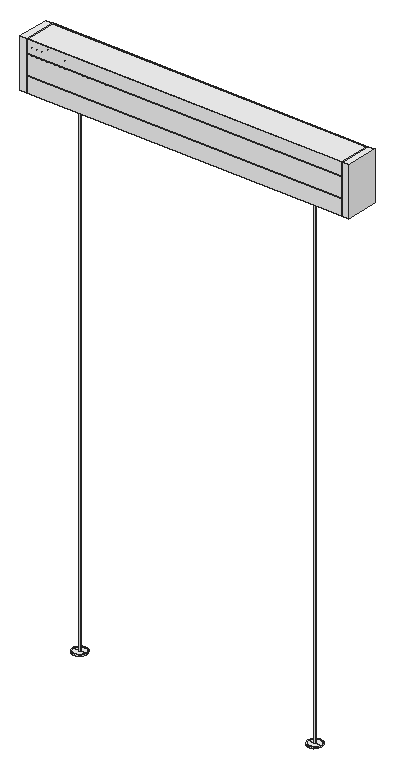
Revit family "2.3 inch  MAGIC WALL WASH LINEAR LIGHT", category Lighting Fixtures, host Face, Revit 2020 (continued)
Types (17): name | Wattage Comments | Wattage | Wall Mount | Suspenders Distance | Surface Mount | Recessed Mount | Photometric Web File | Pendent Mount | Order number | built-in parameter 1150142 | Model | built-in parameter 1150105 | Lumens | Light Source Height | Light Source Distance | built-in parameter 1150106 | Fixture Length
    \r\n 1.55     1.58     1.62     1.65     1.68     1.71     1.74     1.77     1.80     1.83     \r\n 1.86     1.89     1.92     1.96     1.99     2.02     2.06     2.09     2.12     2.16     \r\n 2.19     2.22     2.26     2.29     2.32     2.36     2.39     2.42     2.46     2.49     \r\n 2.52     2.56     2.59     2.62     2.66     2.69     2.72     2.76     2.79     2.82     \r\n 2.86     2.88     2.91     2.93     2.96     2.98     3.00     3.03     3.05     3.08     \r\n 3.10     3.13     3.15     3.18     3.20     3.23     3.25     3.27     3.30     3.32     \r\n 3.35     3.37     3.40     3.42     3.45     3.47     3.50     3.52     3.54     3.57     \r\n 3.59     3.61     3.62     3.64     3.65     3.66     3.68     3.69     3.70     3.72     \r\n 3.73     3.75     3.76     3.77     3.79     3.80     3.82     3.83     3.84     3.86     \r\n 3.87     3.89     3.90     3.91     3.93     3.94     3.96     3.97     3.98     4.00     \r\n 4.01     4.01     4.01     4.01     4.01     4.01     4.01     4.01     4.01     4.01     \r\n 4.01     4.02     4.02     4.02     4.02     4.02     4.02     4.02     4.02     4.02     \r\n 4.02     4.02     4.02     4.02     4.02     4.02     4.02     4.02     4.02     4.02     \r\n 4.26     \r\n1793.11  1790.41  1787.72  1785.04  1782.37  1779.70  1777.05  1774.40  1771.76  1769.13  \r\n 1766.51  1763.90  1761.30  1758.70  1756.12  1753.54  1750.97  1748.41  1745.87  1743.33  \r\n 1740.80  1738.28  1735.77  1733.27  1730.66  1728.06  1725.46  1722.87  1720.30  1717.73  \r\n 1715.16  1706.70  1697.52  1688.35  1679.20  1670.05  1660.92  1651.80  1642.69  1633.59  \r\n 1624.50  1615.43  1606.37  1597.32  1588.28  1579.25  1570.23  1561.23  1552.22  1543.23  \r\n 1534.26  1525.31  1516.37  1507.46  1498.57  1489.70  1480.84  1472.01  1463.20  1454.41  \r\n 1445.63  1433.06  1419.62  1406.18  1392.76  1379.36  1365.96  1352.58  1339.21  1325.85  \r\n 1312.50  1299.17  1285.85  1272.55  1259.25  1245.95  1232.67  1219.41  1206.17  1192.95  \r\n 1179.74  1166.56  1153.39  1140.25  1127.12  1114.01  1100.92  1087.85  1074.79  1061.76  \r\n 1048.74  1033.77  1018.29  1002.82  987.38   971.95   956.55   941.18   925.82   910.48   \r\n 895.17   879.88   864.61   849.35   834.12   818.91   803.72   788.54   773.38   758.25   \r\n 743.13   728.03   712.96   697.90   682.86   667.84   652.84   637.86   622.90   607.95   \r\n 593.02   579.70   566.76   553.84   540.93   528.04   515.16   502.30   489.45   476.61   \r\n 463.78   450.97   438.17   425.38   412.61   399.84   387.09   374.35   361.62   348.90   \r\n 336.19   323.49   310.81   298.13   285.45   272.79   260.14   247.49   234.86   222.23   \r\n 209.61   202.01   195.03   188.05   181.07   174.10   167.13   160.16   153.20   146.24   \r\n 139.27   132.32   125.36   118.40   111.45   104.50   97.55    90.60    83.65    76.71    \r\n 69.76    62.82    55.88    48.94    42.00    35.06    28.12    21.18    14.24    7.30     \r\n 0.36     0.38     0.40     0.42     0.45     0.47     0.49     0.51     0.53     0.55     \r\n 0.57     0.60     0.62     0.64     0.66     0.68     0.70     0.73     0.75     0.77     \r\n 0.79     0.81     0.83     0.85     0.88     0.90     0.92     0.94     0.96     0.98     \r\n 1.00     1.04     1.07     1.10     1.13     1.17     1.20     1.23     1.26     1.29     \r\n 1.33     1.36     1.39     1.42     1.45     1.49     1.52     1.55     1.58     1.61     \r\n 1.65     1.68     1.71     1.74     1.77     1.80     1.84     1.87     1.90     1.93     \r\n 1.96     2.00     2.03     2.07     2.10     2.14     2.17     2.21     2.24     2.28     \r\n 2.31     2.35     2.38     2.42     2.45     2.49     2.52     2.56     2.59     2.63     \r\n 2.66     2.70     2.73     2.77     2.80     2.83     2.87     2.90     2.94     2.97     \r\n 3.00     3.03     3.05     3.07     3.10     3.12     3.14     3.17     3.19     3.21     \r\n 3.24     3.26     3.29     3.31     3.33     3.36     3.38     3.41     3.43     3.45     \r\n 3.48     3.50     3.52     3.54     3.57     3.59     3.61     3.63     3.66     3.68     \r\n 3.70     3.71     3.72     3.73     3.75     3.76     3.77     3.79     3.80     3.81     \r\n 3.82     3.84     3.85     3.86     3.88     3.89     3.90     3.91     3.93     3.94     \r\n 3.95     3.97     3.98     3.99     4.01     4.02     4.03     4.04     4.06     4.07     \r\n 4.08     4.08     4.08     4.08     4.07     4.07     4.07     4.07     4.07     4.07     \r\n 4.06     4.06     4.06     4.06     4.06     4.06     4.05     4.05     4.05     4.05     \r\n 4.05     4.04     4.04     4.04     4.04     4.04     4.03     4.03     4.03     4.03     \r\n 4.26     \r\n1793.11  1789.20  1785.30  1781.42  1777.55  1773.71  1769.87  1766.06  1762.26  1758.48  \r\n 1754.72  1750.97  1747.13  1743.19  1739.26  1735.34  1731.44  1727.56  1723.69  1719.84  \r\n 1716.00  1712.18  1708.38  1704.60  1700.71  1696.80  1692.89  1688.98  1685.07  1681.17  \r\n 1677.27  1669.80  1659.52  1649.28  1639.08  1628.93  1618.94  1608.99  1599.05  1589.12  \r\n 1579.20  1569.31  1559.42  1549.55  1539.69  1529.85  1520.03  1510.21  1500.28  1490.31  \r\n 1480.35  1470.43  1460.54  1450.68  1440.84  1431.03  1421.26  1411.51  1401.79  1392.10  \r\n 1382.44  1371.79  1357.78  1343.81  1329.86  1315.95  1302.07  1288.22  1274.40  1260.62  \r\n 1246.86  1233.14  1219.45  1205.78  1192.15  1178.44  1164.78  1151.17  1137.60  1124.09  \r\n 1110.62  1097.19  1083.82  1070.49  1057.21  1043.97  1030.78  1017.63  1004.53  991.48   \r\n 978.42   965.14   950.06   935.03   920.05   905.12   890.25   875.43   860.66   845.94   \r\n 831.27   816.64   802.07   787.55   773.07   758.64   744.26   729.93   715.65   701.43   \r\n 687.24   673.10   659.01   644.95   630.94   616.97   603.04   589.16   575.31   561.50   \r\n 547.73   534.43   522.48   510.57   498.69   486.84   475.02   463.23   451.47   439.73   \r\n 428.02   416.34   404.69   393.05   381.45   369.87   358.31   346.78   335.26   323.77   \r\n 312.31   300.86   289.43   278.02   266.63   255.26   243.91   232.58   221.26   209.95   \r\n 198.67   190.03   183.44   176.85   170.27   163.70   157.13   150.57   144.01   137.45   \r\n 130.90   124.36   117.82   111.28   104.74   98.21    91.69    85.16    78.64    72.12    \r\n 65.60    59.09    52.57    46.06    39.55    33.04    26.54    20.03    13.52    7.02     \r\n 0.51     0.53     0.55     0.57     0.58     0.60     0.62     0.64     0.65     0.67     \r\n 0.69     0.71     0.73     0.74     0.76     0.78     0.80     0.81     0.83     0.85     \r\n 0.87     0.88     0.90     0.92     0.94     0.95     0.97     0.99     1.01     1.03     \r\n 1.05     1.09     1.12     1.15     1.19     1.22     1.26     1.29     1.33     1.36     \r\n 1.39     1.43     1.46     1.50     1.53     1.56     1.60     1.63     1.66     1.70     \r\n 1.73     1.76     1.80     1.83     1.86     1.90     1.93     1.96     2.00     2.03     \r\n 2.06     2.10     2.14     2.17     2.21     2.25     2.28     2.32     2.36     2.39     \r\n 2.43     2.47     2.50     2.54     2.58     2.61     2.65     2.68     2.72     2.76     \r\n 2.79     2.83     2.86     2.90     2.94     2.97     3.01     3.04     3.08     3.11     \r\n 3.14     3.16     3.19     3.21     3.24     3.26     3.29     3.31     3.34     3.36     \r\n 3.39     3.41     3.44     3.46     3.49     3.51     3.54     3.56     3.58     3.60     \r\n 3.63     3.65     3.67     3.69     3.71     3.73     3.74     3.76     3.78     3.80     \r\n 3.81     3.82     3.83     3.85     3.86     3.87     3.88     3.89     3.91     3.92     \r\n 3.93     3.94     3.95     3.96     3.98     3.99     4.00     4.01     4.03     4.04     \r\n 4.05     4.06     4.07     4.09     4.10     4.11     4.12     4.13     4.14     4.15     \r\n 4.15     4.15     4.15     4.15     4.14     4.14     4.14     4.14     4.13     4.13     \r\n 4.12     4.12     4.11     4.11     4.10     4.10     4.09     4.09     4.08     4.08     \r\n 4.07     4.07     4.06     4.06     4.05     4.05     4.04     4.04     4.03     4.03     \r\n 4.26     \r\n1793.11  1788.01  1782.93  1777.88  1772.85  1767.85  1762.87  1757.91  1752.89  1747.64  \r\n 1742.41  1737.21  1732.03  1726.86  1721.72  1716.61  1711.45  1706.23  1701.02  1695.80  \r\n 1690.59  1685.38  1680.17  1674.97  1669.93  1664.99  1660.08  1655.21  1650.36  1645.54  \r\n 1640.76  1636.00  1624.69  1613.22  1601.80  1590.42  1579.07  1567.77  1556.51  1545.28  \r\n 1534.20  1523.21  1512.25  1501.33  1490.43  1479.58  1468.75  1457.97  1447.11  1436.11  \r\n 1425.12  1414.15  1403.20  1392.27  1381.36  1370.47  1359.59  1348.77  1338.01  1327.29  \r\n 1316.61  1305.98  1294.32  1279.73  1265.19  1250.71  1236.23  1221.80  1207.44  1193.15  \r\n 1178.93  1164.77  1150.68  1136.66  1122.70  1108.75  1094.84  1080.99  1067.22  1053.53  \r\n 1039.91  1026.36  1012.89  999.48   986.15   972.84   959.59   946.40   933.29   920.24   \r\n 907.26   894.35   881.48   867.00   852.61   838.30   824.10   809.98   795.96   782.03   \r\n 768.18   754.42   740.75   727.17   713.67   700.25   686.92   673.67   660.57   647.53   \r\n 634.55   621.63   608.76   595.96   583.21   570.51   557.87   545.28   532.75   520.27   \r\n 507.84   495.46   483.53   472.57   461.64   450.76   439.91   429.11   418.34   407.61   \r\n 396.92   386.26   375.64   365.06   354.51   343.99   333.50   323.04   312.62   302.24   \r\n 291.90   281.58   271.29   261.02   250.77   240.54   230.33   220.14   209.98   199.83   \r\n 189.70   179.66   173.43   167.20   160.98   154.77   148.56   142.36   136.17   129.98   \r\n 123.80   117.62   111.45   105.28   99.12    92.96    86.81    80.66    74.52    68.38    \r\n 62.24    56.10    49.97    43.83    37.70    31.58    25.45    19.32    13.20    7.07     \r\n 0.95     0.95     0.95     0.96     0.96     0.96     0.97     0.97     0.97     0.97     \r\n 0.98     0.98     0.98     0.99     0.99     0.99     0.99     1.00     1.00     1.00     \r\n 1.01     1.01     1.01     1.02     1.02     1.03     1.03     1.04     1.04     1.05     \r\n 1.08     1.12     1.16     1.19     1.23     1.27     1.30     1.34     1.37     1.41     \r\n 1.45     1.48     1.52     1.55     1.59     1.62     1.66     1.70     1.73     1.77     \r\n 1.80     1.84     1.87     1.91     1.95     1.98     2.02     2.05     2.09     2.12     \r\n 2.16     2.20     2.24     2.28     2.32     2.36     2.39     2.43     2.47     2.51     \r\n 2.55     2.59     2.62     2.66     2.70     2.74     2.77     2.81     2.85     2.88     \r\n 2.92     2.96     2.99     3.03     3.07     3.10     3.14     3.17     3.21     3.23     \r\n 3.26     3.28     3.31     3.33     3.35     3.38     3.40     3.42     3.45     3.47     \r\n 3.50     3.52     3.54     3.57     3.59     3.61     3.64     3.66     3.68     3.71     \r\n 3.73     3.75     3.78     3.80     3.83     3.85     3.87     3.89     3.92     3.93     \r\n 3.94     3.95     3.96     3.97     3.99     4.00     4.01     4.03     4.04     4.05     \r\n 4.06     4.08     4.09     4.09     4.10     4.11     4.11     4.12     4.13     4.13     \r\n 4.14     4.15     4.16     4.17     4.18     4.19     4.20     4.21     4.21     4.22     \r\n 4.22     4.21     4.21     4.20     4.20     4.19     4.19     4.18     4.18     4.17     \r\n 4.17     4.16     4.16     4.16     4.15     4.15     4.14     4.13     4.12     4.11     \r\n 4.10     4.09     4.08     4.08     4.07     4.06     4.05     4.05     4.04     4.03     \r\n 4.26     \r\n1793.11  1786.86  1780.65  1774.46  1768.30  1762.18  1756.02  1749.51  1743.03  1736.57  \r\n 1730.14  1723.74  1717.34  1710.87  1704.40  1697.93  1691.46  1684.99  1678.61  1672.37  \r\n 1666.17  1660.01  1653.89  1647.80  1641.51  1634.95  1628.39  1621.82  1615.25  1608.68  \r\n 1602.21  1595.88  1588.59  1576.38  1564.21  1552.09  1539.91  1527.63  1515.37  1503.12  \r\n 1490.90  1478.70  1466.45  1454.08  1441.76  1429.50  1417.29  1405.15  1393.06  1380.94  \r\n 1368.88  1356.87  1344.90  1332.99  1321.13  1309.20  1297.23  1285.31  1273.44  1261.61  \r\n 1249.84  1238.11  1226.35  1214.65  1199.89  1184.73  1169.68  1154.72  1139.88  1125.23  \r\n 1110.68  1096.21  1081.82  1067.52  1053.31  1039.18  1025.09  1011.15  997.33   983.65   \r\n 970.10   956.68   943.40   930.20   917.09   904.08   891.16   878.33   865.60   852.95   \r\n 840.40   828.17   816.05   804.04   791.48   778.16   764.95   751.83   738.81   725.80   \r\n 712.83   699.97   687.21   674.54   661.97   649.50   637.13   624.85   612.79   600.89   \r\n 589.08   577.35   565.69   554.12   542.62   531.20   519.86   508.59   497.32   486.04   \r\n 474.82   463.65   452.54   441.47   431.22   421.06   410.95   400.89   390.89   380.94   \r\n 371.14   361.41   351.71   342.04   332.41   322.81   313.25   303.71   294.21   284.73   \r\n 275.28   265.86   256.47   247.10   237.76   228.45   219.16   209.90   200.66   191.44   \r\n 182.25   173.07   164.77   158.86   152.96   147.07   141.19   135.32   129.45   123.59   \r\n 117.74   111.90   106.06   100.22   94.40    88.57    82.76    76.94    71.14    65.33    \r\n 59.53    53.73    47.94    42.15    36.36    30.57    24.78    19.00    13.21    7.43     \r\n 1.64     1.62     1.60     1.58     1.56     1.53     1.51     1.49     1.47     1.44     \r\n 1.42     1.40     1.38     1.35     1.33     1.31     1.29     1.27     1.25     1.22     \r\n 1.20     1.18     1.16     1.14     1.12     1.10     1.09     1.07     1.05     1.07     \r\n 1.11     1.15     1.19     1.23     1.27     1.31     1.35     1.39     1.43     1.46     \r\n 1.50     1.54     1.58     1.62     1.66     1.70     1.74     1.77     1.81     1.85     \r\n 1.89     1.93     1.97     2.00     2.04     2.08     2.12     2.16     2.20     2.24     \r\n 2.28     2.31     2.35     2.39     2.43     2.47     2.51     2.55     2.59     2.62     \r\n 2.66     2.70     2.74     2.78     2.82     2.85     2.89     2.93     2.97     3.01     \r\n 3.04     3.08     3.12     3.16     3.19     3.23     3.27     3.30     3.32     3.35     \r\n 3.37     3.40     3.42     3.45     3.47     3.50     3.52     3.54     3.57     3.59     \r\n 3.62     3.64     3.66     3.69     3.71     3.73     3.76     3.78     3.80     3.83     \r\n 3.85     3.87     3.90     3.92     3.94     3.96     3.98     4.00     4.01     4.02     \r\n 4.03     4.04     4.05     4.07     4.08     4.09     4.10     4.11     4.12     4.13     \r\n 4.14     4.16     4.17     4.18     4.18     4.19     4.20     4.21     4.22     4.23     \r\n 4.24     4.25     4.25     4.26     4.27     4.27     4.28     4.28     4.29     4.29     \r\n 4.28     4.28     4.27     4.26     4.25     4.25     4.24     4.23     4.22     4.22     \r\n 4.21     4.20     4.20     4.19     4.18     4.18     4.17     4.16     4.16     4.15     \r\n 4.14     4.12     4.11     4.10     4.09     4.08     4.07     4.06     4.04     4.03     \r\n 4.26     \r\n1793.11  1785.76  1778.45  1771.18  1763.94  1756.59  1748.87  1741.19  1733.54  1725.92  \r\n 1718.29  1710.62  1702.95  1695.28  1687.60  1680.07  1672.62  1665.20  1657.83  1650.51  \r\n 1642.70  1634.89  1627.07  1619.25  1611.43  1603.70  1596.02  1588.39  1580.81  1573.20  \r\n 1565.49  1557.85  1550.27  1542.41  1528.82  1515.02  1501.29  1487.62  1474.02  1460.45  \r\n 1446.91  1433.44  1420.02  1406.66  1393.24  1379.76  1366.34  1352.97  1339.66  1326.27  \r\n 1312.83  1299.46  1286.16  1272.95  1259.85  1246.94  1234.12  1221.38  1208.72  1196.12  \r\n 1183.16  1170.28  1157.48  1144.75  1132.11  1119.81  1104.62  1089.54  1074.58  1059.75  \r\n 1045.04  1030.50  1016.10  1001.85  987.74   973.78   959.93   946.18   932.55   919.04   \r\n 905.67   892.42   879.67   867.27   854.96   842.74   830.61   818.56   806.60   794.74   \r\n 783.03   771.44   760.00   748.68   737.50   726.39   714.84   702.47   690.22   678.07   \r\n 666.03   654.14   642.47   630.89   619.41   608.02   596.72   585.51   574.39   563.34   \r\n 552.35   541.43   530.58   519.80   509.08   498.43   487.85   477.54   467.30   457.15   \r\n 447.07   437.06   427.13   417.27   407.48   397.85   388.49   379.18   369.92   360.71   \r\n 351.54   342.42   333.35   324.31   315.32   306.37   297.49   288.66   279.85   271.08   \r\n 262.34   253.63   244.95   236.30   227
